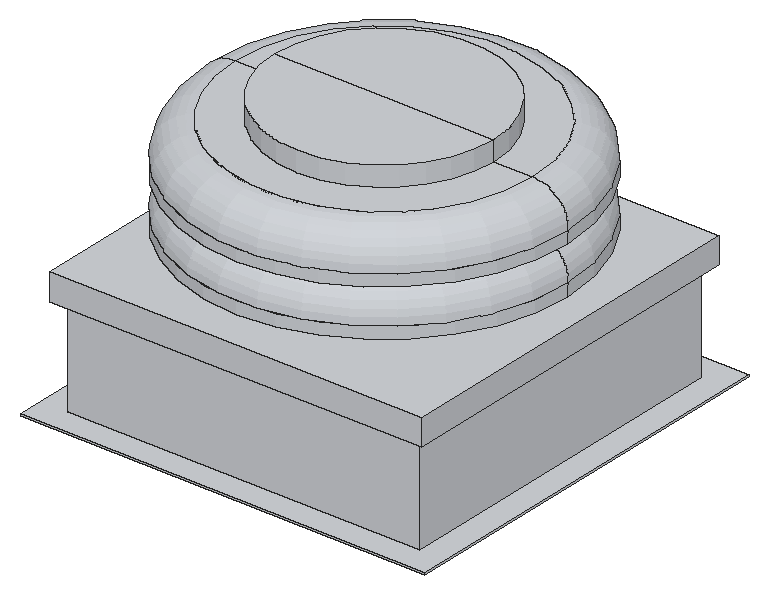
Revit family "TR", category Mechanical Equipment, Revit 2019
Family settings
  Round Connector Dimension = Use Diameter
  Part Type = Normal
  Work Plane-Based = No
  Always vertical = Yes
  Cut with Voids When Loaded = No
  Shared = No
  Room Calculation Point = No
Parameters (values of type "16-TR")
  Unit Weight [instance] = ""
  TSQ/2 = TSQ / 2  # 1' - 2"
  TSQ = 2' - 4"
  Sones [instance] = ""
  RO/2 = RO / 2  # 0' - 11 3/4"
  RO = 1' - 11 1/2"
  ModelID [instance] = ""
  LwA [instance] = ""
  G-.125" = G - 0' 0 1/8"  # 0' - 1 7/8"
  G = 0' - 2"
  D = 0' - 5 3/4"
  CURB_HEIGHT [instance] = 0' - 9 1/2"
  CURB [instance] = yes
  C = 0' - 8 5/8"
  B/2 = B / 2  # 1' - 1 7/8"
  B = 2' - 3 3/4"
  Accessories [instance] = ""
  A/2 = A / 2  # 0' - 8 1/4"
  A = 1' - 4 1/2"
  3 = ((C - 0' 1 1/2") / 2) * 0.75  # 0' - 2 43/64"
  2" = 0' - 2"  # constant formula
  0 = 0' - 0"  # constant formula
  URL = "www.lorencook.com"
  Type Comments = "Spun Aluminum Tiered Intake/Relief Ventilator"  # constant formula
  Static Pressure [instance] = 0.00 in-wg
  Model = "TR"  # constant formula
  Manufacturer = "Loren Cook Company"
  CFM [instance] = 0 CFM
  1.5 = 0' - 1 1/2"  # constant formula
  ONE EIGTH = 0' - 0 1/8"  # constant formula
  (C/2)-1.5" = (C - 0' 1 1/2") / 2  # 0' - 3 9/16"
Types (10): name | TSQ/2 | TSQ | RO/2 | RO | G-.125" | G | D | C | B/2 | B | A/2 | A | 3 | (C/2)-1.5"
  (no name) | 1' - 2" | 2' - 4" | 0' - 11 3/4" | 1' - 11 1/2" | 0' - 1 7/8" | 0' - 2" | 0' - 5 3/4" | 0' - 8 5/8" | 1' - 1 7/8" | 2' - 3 3/4" | 0' - 8 1/4" | 1' - 4 1/2" | 0' - 2 43/64" | 0' - 3 9/16"
  8-TR | 0' - 9" | 1' - 6" | 0' - 6 3/4" | 1' - 1 1/2" | 0' - 1 7/8" | 0' - 2" | 0' - 3 1/4" | 0' - 8 3/16" | 0' - 9 3/8" | 1' - 6 3/4" | 0' - 4 5/16" | 0' - 8 5/8" | 0' - 2 65/128" | 0' - 3 11/32"
  12-TR | 0' - 10" | 1' - 8" | 0' - 7 3/4" | 1' - 3 1/2" | 0' - 1 7/8" | 0' - 2" | 0' - 3 1/2" | 0' - 8 5/8" | 1' - 1 7/8" | 2' - 3 3/4" | 0' - 6 1/4" | 1' - 0 1/2" | 0' - 2 43/64" | 0' - 3 9/16"
  16-TR | 1' - 2" | 2' - 4" | 0' - 11 3/4" | 1' - 11 1/2" | 0' - 1 7/8" | 0' - 2" | 0' - 5 3/4" | 0' - 8 5/8" | 1' - 1 7/8" | 2' - 3 3/4" | 0' - 8 1/4" | 1' - 4 1/2" | 0' - 2 43/64" | 0' - 3 9/16"
  20-TR | 1' - 4" | 2' - 8" | 1' - 1 3/4" | 2' - 3 1/2" | 0' - 1 7/8" | 0' - 2" | 0' - 4 7/8" | 1' - 0 1/16" | 1' - 6 5/16" | 3' - 0 5/8" | 0' - 10 1/4" | 1' - 8 1/2" | 0' - 3 123/128" | 0' - 5 9/32"
  24-TR | 1' - 6" | 3' - 0" | 1' - 3 3/4" | 2' - 7 1/2" | 0' - 2 7/8" | 0' - 3" | 0' - 6 1/2" | 1' - 2 3/16" | 1' - 9 3/8" | 3' - 6 3/4" | 1' - 0 3/8" | 2' - 0 3/4" | 0' - 4 97/128" | 0' - 6 11/32"
  30-TR | 1' - 9" | 3' - 6" | 1' - 6 3/4" | 3' - 1 1/2" | 0' - 2 7/8" | 0' - 3" | 0' - 6 1/4" | 2' - 6 13/16" | 2' - 2 5/16" | 4' - 4 5/8" | 1' - 3 3/8" | 2' - 6 3/4" | 0' - 10 127/128" | 1' - 2 21/32"
  36-TR | 2' - 0" | 4' - 0" | 1' - 9 3/4" | 3' - 7 1/2" | 0' - 2 7/8" | 0' - 3" | 0' - 7 1/4" | 2' - 8 5/16" | 2' - 7 5/16" | 5' - 2 5/8" | 1' - 6 3/8" | 3' - 0 3/4" | 0' - 11 71/128" | 1' - 3 13/32"
  42-TR | 2' - 3" | 4' - 6" | 2' - 0 3/4" | 4' - 1 1/2" | 0' - 2 7/8" | 0' - 3" | 0' - 8 1/4" | 2' - 0 9/16" | 3' - 0 13/16" | 6' - 1 5/8" | 1' - 9 3/8" | 3' - 6 3/4" | 0' - 8 83/128" | 0' - 11 17/32"
  48-TR | 2' - 6" | 5' - 0" | 2' - 4 3/4" | 4' - 9 1/2" | 0' - 2 7/8" | 0' - 3" | 0' - 8 1/4" | 2' - 0 9/16" | 3' - 0 13/16" | 6' - 1 5/8" | 2' - 0 3/8" | 4' - 0 3/4" | 0' - 8 83/128" | 0' - 11 17/32"
Reference planes (in)
  plane 1 "Center (Front/Back)": y = 0
  plane 2: z = 0
  plane 3 "Center (Left/Right)": x = 0.40541
Forms (in)
  Extrusion 1, solid
    sketch origin (0, 0, 0) x (1, 0, 0) y (0, 1, 0)
      loop
        line (-13.59459, 14) -> (-13.59459, -14) -> (14.40541, -14) -> (14.40541, 14) -> (-13.59459, 14)
    from 0 to 2 <- "G"
  Revolve 2, solid
    sketch origin (0, 0, 0) x (1, 0, 0) y (0, 0, 1)
      loop
        line (14.28041, 4) -> (14.28041, 4.89062)
        arc (14.28041, 4.89062) -> (13.49784, 6.77993) -> (11.60854, 7.5625) r 2.67188
        line (11.60854, 7.5625) -> (14.28041, 7.5625) -> (14.28041, 8.45313)
        arc (14.28041, 8.45313) -> (13.49784, 10.34243) -> (11.60854, 11.125) r 2.67188
        line (11.60854, 11.125) -> (8.65541, 11.125) -> (8.65541, 12.625) -> (0.40541, 12.625) -> (0.40541, 2) -> (9.1384, 2)
        arc (9.1384, 2) -> (8.83398, 2.10336) -> (8.65541, 2.3707) r 0.5
        line (8.65541, 2.3707) -> (8.65541, 4) -> (14.28041, 4)
      axis (0.40541, 2) -> (0.40541, 12.625)
    angle from 0 to 360
  Extrusion 3, void
    sketch origin (0, 0, 0) x (1, 0, 0) y (0, 1, 0)
      loop
        line (14.28041, 13.875) -> (-13.46959, 13.875) -> (-13.46959, -13.875) -> (14.28041, -13.875) -> (14.28041, 13.875)
    from 0 to 1.875 <- "G-.125""
  Extrusion 4, solid, visible <- "CURB"
    sketch origin (0, 0, 1.875) x (0, 1, 0) y (1, 0, 0)
      loop
        line (11.75, -11.34459) -> (11.75, 12.15541) -> (-11.75, 12.15541) -> (-11.75, -11.34459) -> (11.75, -11.34459)
      loop
        line (-13.25, 13.65541) -> (-13.25, -12.84459) -> (13.25, -12.84459) -> (13.25, 13.65541) -> (-13.25, 13.65541)
    from 0 to 9.5 <- "CURB_HEIGHT"
  Extrusion 5, solid, visible <- "CURB"
    sketch origin (0, 0, -7.625) x (-1, 0, 0) y (0, 1, 0)
      loop
        line (12.84459, 13.25) -> (-13.65541, 13.25) -> (-13.65541, -13.25) -> (12.84459, -13.25) -> (12.84459, 13.25)
      loop
        line (-15.65541, -15.25) -> (14.84459, -15.25) -> (14.84459, 15.25) -> (-15.65541, 15.25) -> (-15.65541, -15.25)
    from 0 to -0.125
Cuts and joins
  Extrusion 3 cuts Extrusion 1
Dimensions and locks (in)
  "TSQ/2": Extrusion 1 sketch curve to plane 3 "Center (Left/Right)"
  "TSQ/2": plane 1 "Center (Front/Back)" to Extrusion 1 sketch curve
  "TSQ": Extrusion 1 sketch curve to Extrusion 1 sketch curve  (x2)
  "0": Revolve 2 sketch curve to Extrusion 1
  "G": Revolve 2 sketch curve to Extrusion 1
  "A/2": Revolve 2 sketch curve to plane 3 "Center (Left/Right)"
  "0": Revolve 2 sketch curve to plane 3 "Center (Left/Right)"  (x2)
  "B/2": Revolve 2 sketch curve to plane 3 "Center (Left/Right)"
  "0": Revolve 2 sketch curve to Revolve 2 sketch curve  (x2)
  "C": Revolve 2 sketch curve to Revolve 2 sketch curve
  "1.5": Revolve 2 sketch curve to Revolve 2 sketch curve
  "(C/2)-1.5"": Revolve 2 sketch curve to Revolve 2 sketch curve
  "ONE EIGTH": Extrusion 1 to Extrusion 3 sketch curve  (x3)
  "ONE EIGTH": Extrusion 3 sketch curve to Extrusion 1
  "1.5": Extrusion 4 sketch curve to Extrusion 4 sketch curve  (x4)
  "RO/2": plane 1 "Center (Front/Back)" to Extrusion 4 sketch curve  (x2)
  "RO/2": Extrusion 4 sketch curve to plane 3 "Center (Left/Right)"
  "RO/2": plane 3 "Center (Left/Right)" to Extrusion 4 sketch curve
  "2"": Extrusion 5 sketch curve to Extrusion 5 sketch curve  (x4)
  "0": Extrusion 4 to Extrusion 5 sketch curve  (x3)
  "0": Extrusion 5 sketch curve to Extrusion 4
  "3": radius of Revolve 2 sketch curve  (x2)
Automatic sketch dimensions
  Revolve 2 sketch curve to Revolve 2 sketch curve = 0' - 0"  (x3)
  Revolve 2 sketch curve to Revolve 2 sketch curve = 0' - 0.48299"
  Revolve 2 sketch curve to Revolve 2 sketch curve = 0' - 0.3707"
  Revolve 2 sketch curve to Revolve 2 sketch curve = 0' - 4 3/32"
  Revolve 2 sketch curve to Revolve 2 sketch curve = 2' - 6 1/2"
Connectors (in)
  hvac at (0.40541, 0, 2), driven by "CFM", driven by "RO", driven by "RO"
    settings: on cut or joined group of Extrusion 1, Extrusion 3, index 3, duct flow 0 CFM, flow factor 0, pres drop 0.00 in-wg, loss coef 0, conn angle 0.00°, conn width 23 1/2", conn height 23 1/2", conn diameter 24", duct sys type 1, conn prof type 1, flow config 0, flow direction 1, loss method 0, conn ref index -1, conn util no, is conn primary yes, conn desc ""
  hvac at (0.40541, 0, 2), driven by "CFM", driven by "RO", driven by "RO"
    settings: on cut or joined group of Extrusion 1, Extrusion 3, index 4, duct flow 0 CFM, flow factor 0, pres drop 0.00 in-wg, loss coef 0, conn angle 0.00°, conn width 23 1/2", conn height 23 1/2", conn diameter 24", duct sys type 3, conn prof type 1, flow config 0, flow direction 1, loss method 0, conn ref index -1, conn util no, is conn primary no, conn desc ""
